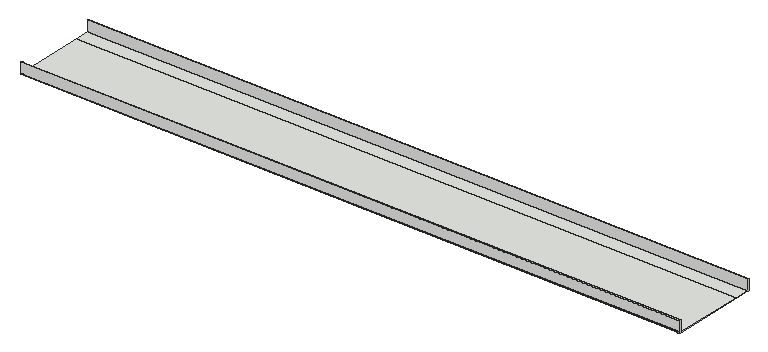
Revit family "PR825", category Mechanical Equipment, Revit 2018
Family settings
  Round Connector Dimension = Use Diameter
  Part Type = Normal
  OmniClass Number = 23.75.00.00
  OmniClass Title = Climate Control (HVAC)
  Work Plane-Based = No
  Always vertical = Yes
  Cut with Voids When Loaded = No
  Shared = No
  Room Calculation Point = No
Parameters (values of type "ISOLAMIN PR825 flashing")
  URL = "http://www.isolamin.se/"
  Thickness = "0.7 mm (Different thicknesses are available on request) \r\n0.7 mm (Different thicknesses are available on request) \r\n0.7 mm (Different thicknesses are available on request)"
  Profile Length = 1180 mm
  Model = "PR825"
  Material = "Galvanized Steel"
  Manufacturer = "ISOLAMIN AB"
  Edition = "1.0 (2018)"
Reference planes
  plane 1 "Center (Front/Back)": y = 0
  plane 2: z = 0
  plane 3 "Center (Left/Right)": x = 0
  plane 4: y = -1284.913
  plane 5: x = 1180
Forms (mm)
  Extrusion 1, solid, material "ISOLAMIN Surface Profile Material"
    sketch origin (0, 0, 0) x (0, 1, 0) y (0, 0, 1)
      loop
        line (-26.26, 1) -> (-152.036, 1) -> (-152.036, 20) -> (-153.036, 20) -> (-153.036, 1)
        arc (-153.036, 1) -> (-152.743, 0.293) -> (-152.036, 0) r 1
        line (-152.036, 0) -> (-26.26, 0) -> (-1, 0)
        arc (-1, 0) -> (-0.293, 0.293) -> (0, 1) r 1
        line (0, 1) -> (0, 20) -> (-1, 20) -> (-1, 1) -> (-26.26, 1)
    from 0 to 1180
Dimensions and locks
  "Profile Length": plane 3 "Center (Left/Right)" to plane 5
  aligned and locked: level to plane 2
  aligned and locked: plane 5 to Extrusion 1
Automatic sketch dimensions
  Extrusion 1 sketch curve to level = 0 mm
  Extrusion 1 sketch curve to plane 1 "Center (Front/Back)" = 0 mm
  plane 1 "Center (Front/Back)" to Extrusion 1 sketch curve = 1 mm  (x2)
  level to Extrusion 1 sketch curve = 1 mm  (x2)
  Extrusion 1 sketch curve to Extrusion 1 sketch curve = 25.26 mm
  Extrusion 1 sketch curve to Extrusion 1 sketch curve = 0 mm
  Extrusion 1 sketch curve to Extrusion 1 sketch curve = 125.776 mm
  Extrusion 1 sketch curve to Extrusion 1 sketch curve = 1 mm
  Extrusion 1 sketch curve to Extrusion 1 sketch curve = 19 mm  (x2)
